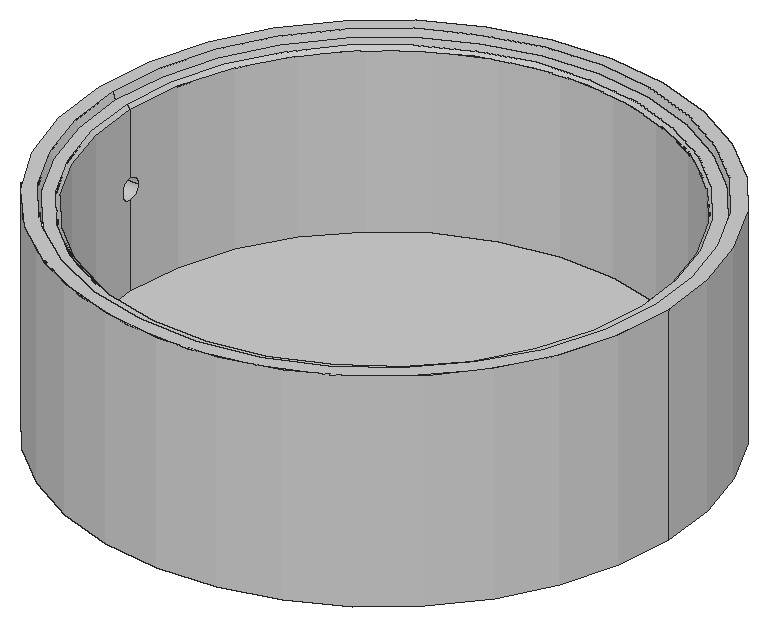
Revit family "KODF 15.6", category Фундамент несущей конструкции, Revit 2025
Family settings
  Материал для поведения модели = Прочее
  Заглушка = Нет
  Номер OmniClass = 23.25.05.00
  Заголовок OmniClass = Foundations
  На основе рабочей плоскости = Нет
  Всегда вертикально = Да
  При загрузке вырезать с полостями = Нет
  Общий = Нет
  Показывать семейство разрезанным на планах = Да
Parameters
  Петля = Петля_П1_П2 : П2
Reference planes
  plane 1 "По центру (Вперед/Назад)": y = -35
  plane 2: z = 0
  plane 3 "По центру (Влево/Вправо)": x = 0
  plane 4: z = 610
  plane 5: through (-794.295, -4572, 590) normal (-0.9408, 0, -0.3389)
  plane 6: z = 590
  plane 7: z = 580
  plane 8: through (-750, -4572, 580) normal (-0.7071, 0, -0.7071)
  plane 9: x = -750
  plane 10: x = -840
  plane 11: x = 750
  plane 12: x = 840
  plane 13: x = -801.5
  plane 14: through (750, -4572, 580) normal (-0.7071, 0, 0.7071)
  plane 15: through (794.295, -4572, 590) normal (-0.9408, 0, 0.3389)
  plane 16: x = 801.5
  plane 17: z = 370
  plane 18: x = 830
  plane 19: x = -830
  plane 20: z = 150
Forms (mm)
  Extrusion 1, solid, material "Бетон В15"
    sketch origin (0, 0, 0) x (1, 0, 0) y (0, 1, 0)
      loop
        circle (0, -35) r 840
      loop
        circle (0, -35) r 750
    from 0 to 610
  Blend 2, void
    base sketch origin (0, 0, 0) x (1, 0, 0) y (0, 1, 0)
      loop
        circle (0, -35) r 750
    top sketch origin (0, 0, 0) x (1, 0, 0) y (0, 1, 0)
      loop
        circle (0, -35) r 760
    from 580 to 590
  Blend 3, void
    base sketch origin (0, 0, 0) x (1, 0, 0) y (0, 1, 0)
      loop
        circle (0, -35) r 794.295
    top sketch origin (0, 0, 0) x (1, 0, 0) y (0, 1, 0)
      loop
        circle (0, -35) r 801.5
    from 590 to 610
  Extrusion 4, void
    sketch origin (0, 0, 0) x (0, 1, 0) y (0, 0, 1)
      loop
        circle (-35, 370) r 30
    from -830 to 830
  Extrusion 5, solid, material "Бетон В15"
    sketch origin (0, 0, 0) x (1, 0, 0) y (0, 1, 0)
      loop
        circle (0, -35) r 750
    from 0 to 100
Cuts and joins
  Blend 2, Blend 3, Extrusion 4 cuts Extrusion 1
  joined: Extrusion 1, Extrusion 5
Dimensions and locks
  plane 4 to level = 610 mm
  plane 17 to level = 370 mm
  aligned and locked: plane 2 to level
